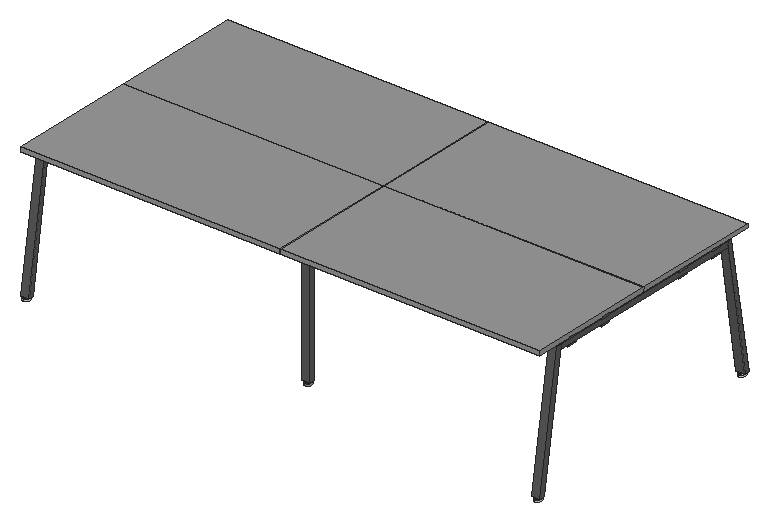
Revit family "Haworth_Tibas_Desk_BenchWorkstation_EU_PRELIMINARY", category Furniture, Revit 2019 (continued)
Definition of nested family "Haworth_Tibas_CableManagement_HorizontalCableTraySingleWire_PART"
  Definition of nested family "Haworth_Tibas_CableManagement_HorizontalCableTraySingleWire_100cm-PART"
    Forms (cm)
      Extrusion 2, void
        sketch origin (0, -2.9666, 0) x (1, 0, 0) y (0, 0, -1)
          loop
            line (-2.261, -73.9397) -> (3.5316, -73.9397) -> (3.5316, -70.6269) -> (-2.261, -70.6269) -> (-2.261, -73.9397)
          loop
            line (3.5316, -70.4411) -> (3.5316, -68.6582) -> (-2.261, -68.6582) -> (-2.261, -70.4411) -> (3.5316, -70.4411)
          loop
            line (3.739, -73.9397) -> (9.5316, -73.9397) -> (9.5316, -70.6269) -> (3.739, -70.6269) -> (3.739, -73.9397)
          loop
            line (9.5316, -70.4411) -> (9.5316, -68.6582) -> (3.739, -68.6582) -> (3.739, -70.4411) -> (9.5316, -70.4411)
          loop
            line (9.739, -73.9397) -> (15.5316, -73.9397) -> (15.5316, -70.6269) -> (9.739, -70.6269) -> (9.739, -73.9397)
          loop
            line (15.5316, -70.4411) -> (15.5316, -68.6582) -> (9.739, -68.6582) -> (9.739, -70.4411) -> (15.5316, -70.4411)
          loop
            line (15.739, -73.9397) -> (21.5316, -73.9397) -> (21.5316, -70.6269) -> (15.739, -70.6269) -> (15.739, -73.9397)
          loop
            line (21.5316, -70.4411) -> (21.5316, -68.6582) -> (15.739, -68.6582) -> (15.739, -70.4411) -> (21.5316, -70.4411)
          loop
            line (21.739, -73.9397) -> (27.5316, -73.9397) -> (27.5316, -70.6269) -> (21.739, -70.6269) -> (21.739, -73.9397)
          loop
            line (27.5316, -70.4411) -> (27.5316, -68.6582) -> (21.739, -68.6582) -> (21.739, -70.4411) -> (27.5316, -70.4411)
          loop
            line (27.739, -73.9397) -> (33.5316, -73.9397) -> (33.5316, -70.6269) -> (27.739, -70.6269) -> (27.739, -73.9397)
          loop
            line (33.5316, -70.4411) -> (33.5316, -68.6448) -> (27.739, -68.6448) -> (27.739, -70.4411) -> (33.5316, -70.4411)
          loop
            line (33.739, -73.9397) -> (39.5316, -73.9397) -> (39.5316, -70.6269) -> (33.739, -70.6269) -> (33.739, -73.9397)
          loop
            line (39.5316, -70.4411) -> (39.5316, -68.6582) -> (33.739, -68.6582) -> (33.739, -70.4411) -> (39.5316, -70.4411)
          loop
            line (39.739, -73.9397) -> (45.5316, -73.9397) -> (45.5316, -70.6269) -> (39.739, -70.6269) -> (39.739, -73.9397)
          loop
            line (45.5316, -70.4411) -> (45.5316, -68.6582) -> (39.739, -68.6582) -> (39.739, -70.4411) -> (45.5316, -70.4411)
          loop
            line (45.739, -73.9397) -> (51.5316, -73.9397) -> (51.5316, -70.6269) -> (45.739, -70.6269) -> (45.739, -73.9397)
          loop
            line (51.5316, -70.4411) -> (51.5316, -68.6582) -> (45.739, -68.6582) -> (45.739, -70.4411) -> (51.5316, -70.4411)
          loop
            line (51.739, -73.9397) -> (57.5316, -73.9397) -> (57.5316, -70.6269) -> (51.739, -70.6269) -> (51.739, -73.9397)
          loop
            line (57.5316, -70.4411) -> (57.5316, -68.6582) -> (51.739, -68.6582) -> (51.739, -70.4411) -> (57.5316, -70.4411)
          loop
            line (57.739, -73.9397) -> (63.5316, -73.9397) -> (63.5316, -70.6269) -> (57.739, -70.6269) -> (57.739, -73.9397)
          loop
            line (63.5316, -70.4411) -> (63.5316, -68.6582) -> (57.739, -68.6582) -> (57.739, -70.4411) -> (63.5316, -70.4411)
          loop
            line (63.739, -73.9397) -> (70.5316, -73.9397) -> (70.5316, -70.6269) -> (63.739, -70.6269) -> (63.739, -73.9397)
          loop
            line (70.5316, -70.4411) -> (70.5316, -68.6448) -> (63.739, -68.6448) -> (63.739, -70.4411) -> (70.5316, -70.4411)
        from -21.2076 to 0.5784
      Extrusion 3, void
        sketch origin (0, -24.7371, 0) x (1, 0, 0) y (0, 1, 0)
          loop
            line (-28.761, 5.9663) -> (-24.9684, 5.9663) -> (-24.9684, 20.0623) -> (-28.761, 20.0623) -> (-28.761, 5.9663)
          loop
            line (-24.761, 5.9663) -> (-18.9555, 5.9663) -> (-18.9555, 20.0623) -> (-24.761, 20.0623) -> (-24.761, 5.9663)
          loop
            line (-18.761, 5.9663) -> (-12.9684, 5.9663) -> (-12.9684, 20.0623) -> (-18.761, 20.0623) -> (-18.761, 5.9663)
          loop
            line (-12.761, 5.9663) -> (-6.9555, 5.9663) -> (-6.9555, 20.0623) -> (-12.761, 20.0623) -> (-12.761, 5.9663)
          loop
            line (-6.748, 5.9663) -> (-0.9555, 5.9663) -> (-0.9555, 20.0623) -> (-6.748, 20.0623) -> (-6.748, 5.9663)
          loop
            line (-0.748, 5.9663) -> (5.0575, 5.9663) -> (5.0575, 20.0623) -> (-0.748, 20.0623) -> (-0.748, 5.9663)
          loop
            line (5.2779, 5.9663) -> (11.0704, 5.9663) -> (11.0704, 20.0623) -> (5.2779, 20.0623) -> (5.2779, 5.9663)
          loop
            line (11.2779, 5.9663) -> (17.0834, 5.9663) -> (17.0834, 20.0623) -> (11.2779, 20.0623) -> (11.2779, 5.9663)
          loop
            line (17.2908, 5.9663) -> (23.0963, 5.9663) -> (23.0963, 20.0623) -> (17.2908, 20.0623) -> (17.2908, 5.9663)
          loop
            line (23.3038, 5.9663) -> (29.0963, 5.9663) -> (29.0963, 20.0623) -> (23.3038, 20.0623) -> (23.3038, 5.9663)
          loop
            line (29.3038, 5.9663) -> (35.1093, 5.9663) -> (35.1093, 20.0623) -> (29.3038, 20.0623) -> (29.3038, 5.9663)
          loop
            line (35.3297, 5.9663) -> (41.1222, 5.9663) -> (41.1222, 20.0623) -> (35.3297, 20.0623) -> (35.3297, 5.9663)
          loop
            line (41.3297, 5.9663) -> (47.1351, 5.9663) -> (47.1351, 20.0623) -> (41.3297, 20.0623) -> (41.3297, 5.9663)
          loop
            line (47.3426, 5.9663) -> (53.1481, 5.9663) -> (53.1481, 20.0623) -> (47.3426, 20.0623) -> (47.3426, 5.9663)
          loop
            line (53.3556, 5.9663) -> (59.1481, 5.9663) -> (59.1481, 20.0623) -> (53.3556, 20.0623) -> (53.3556, 5.9663)
          loop
            line (59.3556, 5.9663) -> (65.161, 5.9663) -> (65.161, 20.0623) -> (59.3556, 20.0623) -> (59.3556, 5.9663)
          loop
            line (65.3815, 5.9663) -> (70.424, 5.9663) -> (70.424, 20.0623) -> (65.3815, 20.0623) -> (65.3815, 5.9663)
        from 0 to 76.0995
      Extrusion 4, solid, material <- "Trim Finish"
        sketch origin (85.411, 0.625, 79.9413) x (0, -1, 0) y (0, 0, -1)
          loop
            arc (24.1542, 2.8) -> (24.3098, 2.8644) -> (24.3742, 3.02) r 0.22
            line (24.3742, 3.02) -> (24.3742, 6) -> (24.1742, 6) -> (24.1742, 3) -> (20.1242, 3) -> (20.1242, 5.5787)
            arc (20.1242, 5.5787) -> (20.0594, 5.7352) -> (19.9029, 5.8) r 0.2213
            line (19.9029, 5.8) -> (19.6242, 5.8) -> (19.6242, 12.2277)
            arc (19.6242, 12.2277) -> (19.5591, 12.3849) -> (19.4019, 12.45) r 0.2223
            line (19.4019, 12.45) -> (7.5483, 12.45)
            arc (7.5483, 12.45) -> (7.1233, 12.025) -> (7.5483, 11.6) r 0.425
            line (7.5483, 11.6) -> (8.3242, 11.6) -> (8.3242, 11.8) -> (7.5501, 11.8)
            arc (7.5501, 11.8) -> (7.3251, 12.025) -> (7.5501, 12.25) r 0.225
            line (7.5501, 12.25) -> (19.4242, 12.25) -> (19.4242, 5.824)
            arc (19.4242, 5.824) -> (19.4898, 5.6656) -> (19.6482, 5.6) r 0.224
            line (19.6482, 5.6) -> (19.9242, 5.6) -> (19.9242, 3.0224)
            arc (19.9242, 3.0224) -> (19.9893, 2.8651) -> (20.1466, 2.8) r 0.2224
            line (20.1466, 2.8) -> (24.1542, 2.8)
        from -36.501 to -33.501
      Extrusion 5, solid, material <- "Trim Finish"
        sketch origin (-38.8038, 0.625, 79.9413) x (0, -1, 0) y (0, 0, 1)
          loop
            line (24.1542, -2.8) -> (20.1466, -2.8)
            arc (20.1466, -2.8) -> (19.9893, -2.8651) -> (19.9242, -3.0224) r 0.2224
            line (19.9242, -3.0224) -> (19.9242, -5.6) -> (19.6482, -5.6)
            arc (19.6482, -5.6) -> (19.4898, -5.6656) -> (19.4242, -5.824) r 0.224
            line (19.4242, -5.824) -> (19.4242, -12.25) -> (7.5501, -12.25)
            arc (7.5501, -12.25) -> (7.3251, -12.025) -> (7.5501, -11.8) r 0.225
            line (7.5501, -11.8) -> (8.3242, -11.8) -> (8.3242, -11.6) -> (7.5483, -11.6)
            arc (7.5483, -11.6) -> (7.1233, -12.025) -> (7.5483, -12.45) r 0.425
            line (7.5483, -12.45) -> (19.4019, -12.45)
            arc (19.4019, -12.45) -> (19.5591, -12.3849) -> (19.6242, -12.2277) r 0.2223
            line (19.6242, -12.2277) -> (19.6242, -5.8) -> (19.9029, -5.8)
            arc (19.9029, -5.8) -> (20.0594, -5.7352) -> (20.1242, -5.5787) r 0.2213
            line (20.1242, -5.5787) -> (20.1242, -3) -> (24.1742, -3) -> (24.1742, -6) -> (24.3742, -6) -> (24.3742, -3.02)
            arc (24.3742, -3.02) -> (24.3098, -2.8644) -> (24.1542, -2.8) r 0.22
        from -36.501 to -33.501
    Cuts and joins
      Extrusion 2, Extrusion 3 cuts Extrusion 1
    Lines and regions (cm)
      Masking region 1
        outline origin (0, 0, 0) x (1, 0, 0) y (0, 1, 0)
          loop
            line (-29.1964, -4.3686) -> (-29.1964, -20.3686) -> (70.8036, -20.3686) -> (70.8036, -4.3686) -> (-29.1964, -4.3686)
    Dimensions and locks (cm)
      locked: plane 2 "Support Top" to level at 74.1363
      equal spacing: plane 4, plane 6, plane 5 "Front"
      "Actual Depth": plane 5 "Front" to plane 4
      equal spacing: plane 8, plane 3, plane 7
      "Actual Width": plane 8 to plane 7
      aligned and locked: plane 4 to cut or joined group of Extrusion 1, Extrusion 2, Extrusion 3
      aligned and locked: Masking region 1 sketch curve to plane 4
      aligned and locked: Masking region 1 sketch curve to plane 5 "Front"
      aligned and locked: cut or joined group of Extrusion 1, Extrusion 2, Extrusion 3 to plane 8
      aligned and locked: Masking region 1 to plane 8
      aligned and locked: plane 7 to cut or joined group of Extrusion 1, Extrusion 2, Extrusion 3
      aligned and locked: plane 7 to Masking region 1
    Automatic sketch dimensions
      Extrusion 1 sketch curve to plane 2 "Support Top" = 0 cm  (x2)
      Extrusion 1 sketch curve to plane 4 = 0 cm
      Extrusion 1 sketch curve to Extrusion 1 sketch curve = 0.3062 cm
      Extrusion 1 sketch curve to plane 4 = 0.3886 cm
      Extrusion 1 sketch curve to Extrusion 1 sketch curve = 0.1226 cm
      Extrusion 1 sketch curve to plane 5 "Front" = 1.3652 cm
      Extrusion 1 sketch curve to Extrusion 1 sketch curve = 0.0044 cm
      Extrusion 1 sketch curve to Extrusion 1 sketch curve = 0.1959 cm
      Extrusion 1 sketch curve to Extrusion 1 sketch curve = 0.1923 cm
      Extrusion 1 sketch curve to plane 2 "Support Top" = 5.6934 cm
      Extrusion 1 sketch curve to Extrusion 1 sketch curve = 0.0167 cm
      Extrusion 4 sketch curve to plane 4 = 2.5547 cm
      Extrusion 4 sketch curve to Extrusion 4 sketch curve = 0.0018 cm
      Extrusion 4 sketch curve to Extrusion 4 sketch curve = 0.7759 cm
      Extrusion 4 sketch curve to plane 5 "Front" = 1.5916 cm
      Extrusion 4 sketch curve to Extrusion 4 sketch curve = 0.0223 cm
      plane 2 "Support Top" to Extrusion 4 sketch curve = 0.005 cm
      Extrusion 4 sketch curve to Extrusion 4 sketch curve = 0.2 cm  (x5)
      Extrusion 4 sketch curve to Extrusion 4 sketch curve = 0.024 cm
      Extrusion 4 sketch curve to Extrusion 4 sketch curve = 0.2547 cm
      Extrusion 4 sketch curve to plane 5 "Front" = 1.0694 cm
      Extrusion 4 sketch curve to Extrusion 4 sketch curve = 0.0224 cm
      plane 5 "Front" to Extrusion 4 sketch curve = 3.1606 cm
      Extrusion 4 sketch curve to Extrusion 4 sketch curve = 0.02 cm  (x2)
      Extrusion 4 sketch curve to Extrusion 4 sketch curve = 2.5563 cm
      Extrusion 4 sketch curve to plane 2 "Support Top" = 0.195 cm
      Extrusion 4 sketch curve to plane 2 "Support Top" = 5.795 cm
      Extrusion 4 sketch curve to Extrusion 4 sketch curve = 0.225 cm
      Extrusion 4 sketch curve to Extrusion 4 sketch curve = 0 cm
      Extrusion 5 sketch curve to plane 4 = 2.5547 cm
      Extrusion 5 sketch curve to Extrusion 5 sketch curve = 0.0018 cm
      Extrusion 5 sketch curve to Extrusion 5 sketch curve = 0.7759 cm
      Extrusion 5 sketch curve to plane 5 "Front" = 1.5916 cm
      Extrusion 5 sketch curve to Extrusion 5 sketch curve = 0.0223 cm
      plane 2 "Support Top" to Extrusion 5 sketch curve = 0.005 cm
      Extrusion 5 sketch curve to Extrusion 5 sketch curve = 0.2 cm  (x4)
      Extrusion 5 sketch curve to Extrusion 5 sketch curve = 0.024 cm
      Extrusion 5 sketch curve to Extrusion 5 sketch curve = 0.2547 cm
      Extrusion 5 sketch curve to plane 5 "Front" = 1.0694 cm
      Extrusion 5 sketch curve to Extrusion 5 sketch curve = 0.0224 cm
      plane 5 "Front" to Extrusion 5 sketch curve = 3.1606 cm
      Extrusion 5 sketch curve to Extrusion 5 sketch curve = 0.02 cm  (x2)
      Extrusion 5 sketch curve to plane 2 "Support Top" = 0.019 cm
      Extrusion 5 sketch curve to plane 2 "Support Top" = 0.195 cm
      Extrusion 5 sketch curve to plane 2 "Support Top" = 5.795 cm
      Extrusion 5 sketch curve to Extrusion 5 sketch curve = 0.225 cm
      Extrusion 5 sketch curve to Extrusion 5 sketch curve = 0 cm
      Extrusion 5 sketch curve to Extrusion 5 sketch curve = 2.5563 cm
      plane 5 "Front" to Extrusion 3 sketch curve = 1.5977 cm  (x13)
      Extrusion 3 sketch curve to Extrusion 3 sketch curve = 3.7925 cm
      Extrusion 3 sketch curve to Extrusion 3 sketch curve = 0.2075 cm  (x12)
      Extrusion 3 sketch curve to Extrusion 3 sketch curve = 5.8055 cm  (x8)
      Extrusion 3 sketch curve to Extrusion 3 sketch curve = 0.1945 cm
      Extrusion 3 sketch curve to Extrusion 3 sketch curve = 5.7925 cm  (x6)
      plane 4 to Extrusion 3 sketch curve = 0.3062 cm  (x5)
      Extrusion 3 sketch curve to Extrusion 3 sketch curve = 0.2204 cm  (x3)
      plane 3 to Extrusion 3 sketch curve = 3.7202 cm
      Extrusion 3 sketch curve to plane 3 = 2.2927 cm
      Extrusion 3 sketch curve to Extrusion 3 sketch curve = 5.0425 cm
      Extrusion 3 sketch curve to Extrusion 3 sketch curve = 0 cm  (x16)
      Extrusion 2 sketch curve to Extrusion 2 sketch curve = 0 cm  (x41)
      Extrusion 2 sketch curve to Extrusion 2 sketch curve = 2.5425 cm
      Extrusion 2 sketch curve to plane 2 "Support Top" = 0.1965 cm  (x17)
      Extrusion 2 sketch curve to Extrusion 2 sketch curve = 0.2075 cm  (x21)
      Extrusion 2 sketch curve to Extrusion 2 sketch curve = 5.7925 cm  (x14)
      Extrusion 2 sketch curve to plane 3 = 5.272 cm
      plane 3 to Extrusion 2 sketch curve = 0.728 cm  (x2)
      Extrusion 2 sketch curve to Extrusion 2 sketch curve = 6.7925 cm
      Extrusion 2 sketch curve to Extrusion 2 sketch curve = 3.3128 cm  (x4)
      Extrusion 2 sketch curve to Extrusion 2 sketch curve = 0.1859 cm  (x17)
      Extrusion 2 sketch curve to Extrusion 2 sketch curve = 1.7829 cm  (x12)
      Extrusion 2 sketch curve to Extrusion 2 sketch curve = 0.0134 cm  (x4)
      plane 3 to Masking region 1 sketch curve = 50 cm
      Masking region 1 sketch curve to plane 3 = 50 cm
      Extrusion 2 sketch curve to Extrusion 2 sketch curve = 1.9821 cm
  Definition of nested family "Haworth_Tibas_CableManagement_HorizontalCableTraySingleWire_140cm-PART"
    Parameters (values of type "Wire Basket Single - 140cm")
      Warranty = "http://www.haworth.com/resources/product-info/warranties"
      Void Width = 20 cm  # constant formula
      URL = "www.haworth.com"
      Trim Finish = none
      Size = "Verify Final Dim. w/ Haworth"  # constant formula
      Revision Number = "1"  # constant formula
      Model = "Haworth -  Wire Basket "  # constant formula
      Manufacturer = "Haworth"  # constant formula
      Description = "Haworth -  Wire Basket 140cm "  # constant formula
      Cable Tray Finish = none
      Author = "Haworth (Abd Rahman)"  # constant formula
      Assembly Code = "E2020200"
      Actual Width = 140 cm  # constant formula
      Actual Depth = 16 cm  # constant formula
    Reference planes (cm)
      plane 1: z = 0
      plane 2 "Support Top": z = 74.1363
      plane 3: x = 20.8036
      plane 4: y = -4.3686
      plane 5 "Front": y = -20.3686
      plane 6: y = -12.3686
      plane 7: x = -49.1964
      plane 8: x = 90.8036
    Forms (cm)
      Extrusion 1, solid, material <- "Cable Tray Finish"
        sketch origin (-68.41, -24.7371, 0) x (0, 1, 0) y (0, 0, -1)
          loop
            line (5.5335, -74.1362) -> (5.5335, -68.4381)
            arc (5.5335, -68.4381) -> (5.5922, -68.2965) -> (5.7338, -68.2378) r 0.2003
            line (5.7338, -68.2378) -> (19.8574, -68.2378)
            arc (19.8574, -68.2378) -> (20.0023, -68.2979) -> (20.0623, -68.4428) r 0.205
            line (20.0623, -68.4428) -> (20.0623, -74.1362) -> (20.3686, -74.1362) -> (20.3686, -68.4261)
            arc (20.3686, -68.4261) -> (20.2547, -68.1513) -> (19.9799, -68.0374) r 0.3886
            line (19.9799, -68.0374) -> (5.7294, -68.0374)
            arc (5.7294, -68.0374) -> (5.455, -68.1511) -> (5.3413, -68.4255) r 0.3881
            line (5.3413, -68.4255) -> (5.3413, -74.1362) -> (5.5335, -74.1362)
        from -159.2136 to -19.2136
      Extrusion 2, void
        sketch origin (0, -2.9666, 0) x (1, 0, 0) y (0, 0, -1)
          loop
            line (-48.886, -73.9397) -> (-44.4684, -73.9397) -> (-44.4684, -70.6269) -> (-48.886, -70.6269) -> (-48.886, -73.9397)
          loop
            line (-44.4684, -70.4411) -> (-44.4684, -68.6179) -> (-48.886, -68.6179) -> (-48.886, -70.4411) -> (-44.4684, -70.4411)
          loop
            line (-44.261, -73.9397) -> (-38.4684, -73.9397) -> (-38.4684, -70.6269) -> (-44.261, -70.6269) -> (-44.261, -73.9397)
          loop
            line (-38.4684, -70.4411) -> (-38.4684, -68.6448) -> (-44.261, -68.6448) -> (-44.261, -70.4411) -> (-38.4684, -70.4411)
          loop
            line (-38.261, -73.9397) -> (-32.4684, -73.9397) -> (-32.4684, -70.6269) -> (-38.261, -70.6269) -> (-38.261, -73.9397)
          loop
            line (-32.4684, -70.4411) -> (-32.4684, -68.6448) -> (-38.261, -68.6448) -> (-38.261, -70.4411) -> (-32.4684, -70.4411)
          loop
            line (-32.261, -73.9397) -> (-26.4684, -73.9397) -> (-26.4684, -70.6269) -> (-32.261, -70.6269) -> (-32.261, -73.9397)
          loop
            line (-26.4684, -70.4411) -> (-26.4684, -68.6448) -> (-32.261, -68.6448) -> (-32.261, -70.4411) -> (-26.4684, -70.4411)
          loop
            line (-26.261, -73.9397) -> (-20.4684, -73.9397) -> (-20.4684, -70.6269) -> (-26.261, -70.6269) -> (-26.261, -73.9397)
          loop
            line (-20.4684, -70.4411) -> (-20.4684, -68.6582) -> (-26.261, -68.6582) -> (-26.261, -70.4411) -> (-20.4684, -70.4411)
          loop
            line (-20.261, -73.9397) -> (-14.4684, -73.9397) -> (-14.4684, -70.6269) -> (-20.261, -70.6269) -> (-20.261, -73.9397)
          loop
            line (-14.4684, -70.4411) -> (-14.4684, -68.6582) -> (-20.261, -68.6582) -> (-20.261, -70.4411) -> (-14.4684, -70.4411)
          loop
            line (-14.261, -73.9397) -> (-8.4684, -73.9397) -> (-8.4684, -70.6269) -> (-14.261, -70.6269) -> (-14.261, -73.9397)
          loop
            line (-8.4684, -70.4411) -> (-8.4684, -68.6582) -> (-14.261, -68.6582) -> (-14.261, -70.4411) -> (-8.4684, -70.4411)
          loop
            line (-8.261, -73.9397) -> (-2.4684, -73.9397) -> (-2.4684, -70.6269) -> (-8.261, -70.6269) -> (-8.261, -73.9397)
          loop
            line (-2.4684, -70.4411) -> (-2.4684, -68.6448) -> (-8.261, -68.6448) -> (-8.261, -70.4411) -> (-2.4684, -70.4411)
          loop
            line (-2.261, -73.9397) -> (3.5316, -73.9397) -> (3.5316, -70.6269) -> (-2.261, -70.6269) -> (-2.261, -73.9397)
          loop
            line (3.5316, -70.4411) -> (3.5316, -68.6582) -> (-2.261, -68.6582) -> (-2.261, -70.4411) -> (3.5316, -70.4411)
          loop
            line (3.739, -73.9397) -> (9.5316, -73.9397) -> (9.5316, -70.6269) -> (3.739, -70.6269) -> (3.739, -73.9397)
          loop
            line (9.5316, -70.4411) -> (9.5316, -68.6582) -> (3.739, -68.6582) -> (3.739, -70.4411) -> (9.5316, -70.4411)
          loop
            line (9.739, -73.9397) -> (15.5316, -73.9397) -> (15.5316, -70.6269) -> (9.739, -70.6269) -> (9.739, -73.9397)
          loop
            line (15.5316, -70.4411) -> (15.5316, -68.6582) -> (9.739, -68.6582) -> (9.739, -70.4411) -> (15.5316, -70.4411)
          loop
            line (15.739, -73.9397) -> (21.5316, -73.9397) -> (21.5316, -70.6269) -> (15.739, -70.6269) -> (15.739, -73.9397)
          loop
            line (21.5316, -70.4411) -> (21.5316, -68.6582) -> (15.739, -68.6582) -> (15.739, -70.4411) -> (21.5316, -70.4411)
          loop
            line (21.739, -73.9397) -> (27.5316, -73.9397) -> (27.5316, -70.6269) -> (21.739, -70.6269) -> (21.739, -73.9397)
          loop
            line (27.5316, -70.4411) -> (27.5316, -68.6582) -> (21.739, -68.6582) -> (21.739, -70.4411) -> (27.5316, -70.4411)
          loop
            line (27.739, -73.9397) -> (33.5316, -73.9397) -> (33.5316, -70.6269) -> (27.739, -70.6269) -> (27.739, -73.9397)
          loop
            line (33.5316, -70.4411) -> (33.5316, -68.6448) -> (27.739, -68.6448) -> (27.739, -70.4411) -> (33.5316, -70.4411)
          loop
            line (33.739, -73.9397) -> (39.5316, -73.9397) -> (39.5316, -70.6269) -> (33.739, -70.6269) -> (33.739, -73.9397)
          loop
            line (39.5316, -70.4411) -> (39.5316, -68.6582) -> (33.739, -68.6582) -> (33.739, -70.4411) -> (39.5316, -70.4411)
          loop
            line (39.739, -73.9397) -> (45.5316, -73.9397) -> (45.5316, -70.6269) -> (39.739, -70.6269) -> (39.739, -73.9397)
          loop
            line (45.5316, -70.4411) -> (45.5316, -68.6582) -> (39.739, -68.6582) -> (39.739, -70.4411) -> (45.5316, -70.4411)
          loop
            line (45.739, -73.9397) -> (51.5316, -73.9397) -> (51.5316, -70.6269) -> (45.739, -70.6269) -> (45.739, -73.9397)
          loop
            line (51.5316, -70.4411) -> (51.5316, -68.6582) -> (45.739, -68.6582) -> (45.739, -70.4411) -> (51.5316, -70.4411)
          loop
            line (51.739, -73.9397) -> (57.5316, -73.9397) -> (57.5316, -70.6269) -> (51.739, -70.6269) -> (51.739, -73.9397)
          loop
            line (57.5316, -70.4411) -> (57.5316, -68.6582) -> (51.739, -68.6582) -> (51.739, -70.4411) -> (57.5316, -70.4411)
          loop
            line (57.739, -73.9397) -> (63.5316, -73.9397) -> (63.5316, -70.6269) -> (57.739, -70.6269) -> (57.739, -73.9397)
          loop
            line (63.5316, -70.4411) -> (63.5316, -68.6582) -> (57.739, -68.6582) -> (57.739, -70.4411) -> (63.5316, -70.4411)
          loop
            line (63.739, -73.9397) -> (69.5316, -73.9397) -> (69.5316, -70.6269) -> (63.739, -70.6269) -> (63.739, -73.9397)
          loop
            line (69.5316, -70.4411) -> (69.5316, -68.6448) -> (63.739, -68.6448) -> (63.739, -70.4411) -> (69.5316, -70.4411)
          loop
            line (69.739, -73.9397) -> (75.5316, -73.9397) -> (75.5316, -70.6269) -> (69.739, -70.6269) -> (69.739, -73.9397)
          loop
            line (75.5316, -70.4411) -> (75.5316, -68.6582) -> (69.739, -68.6582) -> (69.739, -70.4411) -> (75.5316, -70.4411)
          loop
            line (75.739, -73.9397) -> (81.5316, -73.9397) -> (81.5316, -70.6269) -> (75.739, -70.6269) -> (75.739, -73.9397)
          loop
            line (81.5316, -70.4411) -> (81.5316, -68.6582) -> (75.739, -68.6582) -> (75.739, -70.4411) -> (81.5316, -70.4411)
          loop
            line (81.739, -73.9397) -> (90.4066, -73.9397) -> (90.4066, -70.6269) -> (81.739, -70.6269) -> (81.739, -73.9397)
          loop
            line (90.4066, -70.4411) -> (90.4066, -68.6582) -> (81.739, -68.6582) -> (81.739, -70.4411) -> (90.4066, -70.4411)
        from -21.2076 to 0.5784
      Extrusion 3, void
        sketch origin (0, -24.7371, 0) x (1, 0, 0) y (0, 1, 0)
          loop
            line (-58.511, 5.9663) -> (-54.9555, 5.9663) -> (-54.9555, 20.0623) -> (-58.511, 20.0623) -> (-58.511, 5.9663)
          loop
            line (-54.761, 5.9663) -> (-48.9684, 5.9663) -> (-48.9684, 20.0623) -> (-54.761, 20.0623) -> (-54.761, 5.9663)
          loop
            line (-48.761, 5.9663) -> (-42.9555, 5.9663) -> (-42.9555, 20.0623) -> (-48.761, 20.0623) -> (-48.761, 5.9663)
          loop
            line (-42.761, 5.9663) -> (-36.9684, 5.9663) -> (-36.9684, 20.0623) -> (-42.761, 20.0623) -> (-42.761, 5.9663)
          loop
            line (-36.761, 5.9663) -> (-30.9555, 5.9663) -> (-30.9555, 20.0623) -> (-36.761, 20.0623) -> (-36.761, 5.9663)
          loop
            line (-30.761, 5.9663) -> (-24.9684, 5.9663) -> (-24.9684, 20.0623) -> (-30.761, 20.0623) -> (-30.761, 5.9663)
          loop
            line (-24.761, 5.9663) -> (-18.9555, 5.9663) -> (-18.9555, 20.0623) -> (-24.761, 20.0623) -> (-24.761, 5.9663)
          loop
            line (-18.761, 5.9663) -> (-12.9684, 5.9663) -> (-12.9684, 20.0623) -> (-18.761, 20.0623) -> (-18.761, 5.9663)
          loop
            line (-12.761, 5.9663) -> (-6.9555, 5.9663) -> (-6.9555, 20.0623) -> (-12.761, 20.0623) -> (-12.761, 5.9663)
          loop
            line (-6.748, 5.9663) -> (-0.9555, 5.9663) -> (-0.9555, 20.0623) -> (-6.748, 20.0623) -> (-6.748, 5.9663)
          loop
            line (-0.748, 5.9663) -> (5.0575, 5.9663) -> (5.0575, 20.0623) -> (-0.748, 20.0623) -> (-0.748, 5.9663)
          loop
            line (5.2779, 5.9663) -> (11.0704, 5.9663) -> (11.0704, 20.0623) -> (5.2779, 20.0623) -> (5.2779, 5.9663)
          loop
            line (11.2779, 5.9663) -> (17.0834, 5.9663) -> (17.0834, 20.0623) -> (11.2779, 20.0623) -> (11.2779, 5.9663)
          loop
            line (17.2908, 5.9663) -> (23.0963, 5.9663) -> (23.0963, 20.0623) -> (17.2908, 20.0623) -> (17.2908, 5.9663)
          loop
            line (23.3038, 5.9663) -> (29.0963, 5.9663) -> (29.0963, 20.0623) -> (23.3038, 20.0623) -> (23.3038, 5.9663)
          loop
            line (29.3038, 5.9663) -> (35.1093, 5.9663) -> (35.1093, 20.0623) -> (29.3038, 20.0623) -> (29.3038, 5.9663)
          loop
            line (35.3297, 5.9663) -> (41.1222, 5.9663) -> (41.1222, 20.0623) -> (35.3297, 20.0623) -> (35.3297, 5.9663)
          loop
            line (41.3297, 5.9663) -> (47.1351, 5.9663) -> (47.1351, 20.0623) -> (41.3297, 20.0623) -> (41.3297, 5.9663)
          loop
            line (47.3426, 5.9663) -> (53.1481, 5.9663) -> (53.1481, 20.0623) -> (47.3426, 20.0623) -> (47.3426, 5.9663)
          loop
            line (53.3556, 5.9663) -> (59.1481, 5.9663) -> (59.1481, 20.0623) -> (53.3556, 20.0623) -> (53.3556, 5.9663)
          loop
            line (59.3556, 5.9663) -> (65.161, 5.9663) -> (65.161, 20.0623) -> (59.3556, 20.0623) -> (59.3556, 5.9663)
          loop
            line (65.3815, 5.9663) -> (71.174, 5.9663) -> (71.174, 20.0623) -> (65.3815, 20.0623) -> (65.3815, 5.9663)
          loop
            line (71.3815, 5.9663) -> (77.1869, 5.9663) -> (77.1869, 20.0623) -> (71.3815, 20.0623) -> (71.3815, 5.9663)
          loop
            line (77.3944, 5.9663) -> (83.1999, 5.9663) -> (83.1999, 20.0623) -> (77.3944, 20.0623) -> (77.3944, 5.9663)
          loop
            line (83.4074, 5.9663) -> (89.1999, 5.9663) -> (89.1999, 20.0623) -> (83.4074, 20.0623) -> (83.4074, 5.9663)
          loop
            line (89.4074, 5.9663) -> (95.2128, 5.9663) -> (95.2128, 20.0623) -> (89.4074, 20.0623) -> (89.4074, 5.9663)
          loop
            line (95.4333, 5.9663) -> (100.1181, 5.9663) -> (100.1181, 20.0623) -> (95.4333, 20.0623) -> (95.4333, 5.9663)
        from 0 to 76.0995
      Extrusion 4, solid, material <- "Trim Finish"
        sketch origin (96.911, 0.625, 79.9413) x (0, -1, 0) y (0, 0, -1)
          loop
            arc (24.1542, 2.8) -> (24.3098, 2.8644) -> (24.3742, 3.02) r 0.22
            line (24.3742, 3.02) -> (24.3742, 6) -> (24.1742, 6) -> (24.1742, 3) -> (20.1242, 3) -> (20.1242, 5.5787)
            arc (20.1242, 5.5787) -> (20.0594, 5.7352) -> (19.9029, 5.8) r 0.2213
            line (19.9029, 5.8) -> (19.6242, 5.8) -> (19.6242, 12.2277)
            arc (19.6242, 12.2277) -> (19.5591, 12.3849) -> (19.4019, 12.45) r 0.2223
            line (19.4019, 12.45) -> (7.5483, 12.45)
            arc (7.5483, 12.45) -> (7.1233, 12.025) -> (7.5483, 11.6) r 0.425
            line (7.5483, 11.6) -> (8.3242, 11.6) -> (8.3242, 11.8) -> (7.5501, 11.8)
            arc (7.5501, 11.8) -> (7.3251, 12.025) -> (7.5501, 12.25) r 0.225
            line (7.5501, 12.25) -> (19.4242, 12.25) -> (19.4242, 5.824)
            arc (19.4242, 5.824) -> (19.4898, 5.6656) -> (19.6482, 5.6) r 0.224
            line (19.6482, 5.6) -> (19.9242, 5.6) -> (19.9242, 3.0224)
            arc (19.9242, 3.0224) -> (19.9893, 2.8651) -> (20.1466, 2.8) r 0.2224
            line (20.1466, 2.8) -> (24.1542, 2.8)
        from -36.501 to -33.501
      Extrusion 5, solid, material <- "Trim Finish"
        sketch origin (-52.1788, 0.625, 79.9413) x (0, -1, 0) y (0, 0, 1)
          loop
            line (24.1542, -2.8) -> (20.1466, -2.8)
            arc (20.1466, -2.8) -> (19.9893, -2.8651) -> (19.9242, -3.0224) r 0.2224
            line (19.9242, -3.0224) -> (19.9242, -5.6) -> (19.6482, -5.6)
            arc (19.6482, -5.6) -> (19.4898, -5.6656) -> (19.4242, -5.824) r 0.224
            line (19.4242, -5.824) -> (19.4242, -12.25) -> (7.5501, -12.25)
            arc (7.5501, -12.25) -> (7.3251, -12.025) -> (7.5501, -11.8) r 0.225
            line (7.5501, -11.8) -> (8.3242, -11.8) -> (8.3242, -11.6) -> (7.5483, -11.6)
            arc (7.5483, -11.6) -> (7.1233, -12.025) -> (7.5483, -12.45) r 0.425
            line (7.5483, -12.45) -> (19.4019, -12.45)
            arc (19.4019, -12.45) -> (19.5591, -12.3849) -> (19.6242, -12.2277) r 0.2223
            line (19.6242, -12.2277) -> (19.6242, -5.8) -> (19.9029, -5.8)
            arc (19.9029, -5.8) -> (20.0594, -5.7352) -> (20.1242, -5.5787) r 0.2213
            line (20.1242, -5.5787) -> (20.1242, -3) -> (24.1742, -3) -> (24.1742, -6) -> (24.3742, -6) -> (24.3742, -3.02)
            arc (24.3742, -3.02) -> (24.3098, -2.8644) -> (24.1542, -2.8) r 0.22
        from -36.501 to -33.501
    Cuts and joins
      Extrusion 2, Extrusion 3 cuts Extrusion 1
    Lines and regions (cm)
      Masking region 1
        outline origin (0, 0, 0) x (1, 0, 0) y (0, 1, 0)
          loop
            line (-49.1964, -4.3686) -> (-49.1964, -20.3686) -> (90.8036, -20.3686) -> (90.8036, -4.3686) -> (-49.1964, -4.3686)
    Dimensions and locks (cm)
      locked: plane 2 "Support Top" to level at 74.1363
      equal spacing: plane 4, plane 6, plane 5 "Front"
      "Actual Depth": plane 5 "Front" to plane 4
      equal spacing: plane 7, plane 3, plane 8
      "Actual Width": plane 7 to plane 8
      aligned and locked: plane 4 to cut or joined group of Extrusion 1, Extrusion 2, Extrusion 3
      aligned and locked: Masking region 1 sketch curve to plane 4
      aligned and locked: Masking region 1 sketch curve to plane 5 "Front"
      aligned and locked: cut or joined group of Extrusion 1, Extrusion 2, Extrusion 3 to plane 7
      aligned and locked: Masking region 1 to plane 7
      aligned and locked: plane 8 to cut or joined group of Extrusion 1, Extrusion 2, Extrusion 3
      aligned and locked: plane 8 to Masking region 1
    Automatic sketch dimensions
      Extrusion 1 sketch curve to plane 2 "Support Top" = 0 cm  (x2)
      Extrusion 1 sketch curve to plane 4 = 0 cm
      Extrusion 1 sketch curve to Extrusion 1 sketch curve = 0.3062 cm
      Extrusion 1 sketch curve to plane 4 = 0.3886 cm
      Extrusion 1 sketch curve to Extrusion 1 sketch curve = 0.1226 cm
      Extrusion 1 sketch curve to plane 5 "Front" = 1.3652 cm
      Extrusion 1 sketch curve to Extrusion 1 sketch curve = 0.0044 cm
      Extrusion 1 sketch curve to Extrusion 1 sketch curve = 0.1959 cm
      Extrusion 1 sketch curve to Extrusion 1 sketch curve = 0.1923 cm
      Extrusion 1 sketch curve to plane 2 "Support Top" = 5.6934 cm
      Extrusion 1 sketch curve to Extrusion 1 sketch curve = 0.0167 cm
      Extrusion 2 sketch curve to Extrusion 2 sketch curve = 0 cm  (x58)
      plane 7 to Extrusion 2 sketch curve = 4.728 cm
      Extrusion 2 sketch curve to plane 2 "Support Top" = 0.1965 cm  (x23)
      Extrusion 2 sketch curve to Extrusion 2 sketch curve = 0.2075 cm  (x31)
      Extrusion 2 sketch curve to Extrusion 2 sketch curve = 5.7925 cm  (x19)
      Extrusion 2 sketch curve to plane 3 = 5.272 cm
      plane 3 to Extrusion 2 sketch curve = 0.728 cm  (x2)
      Extrusion 2 sketch curve to plane 8 = 0.397 cm
      Extrusion 2 sketch curve to Extrusion 2 sketch curve = 3.3128 cm  (x4)
      Extrusion 2 sketch curve to Extrusion 2 sketch curve = 0.1859 cm  (x23)
      Extrusion 2 sketch curve to Extrusion 2 sketch curve = 1.7829 cm  (x14)
      Extrusion 2 sketch curve to Extrusion 2 sketch curve = 0.0134 cm  (x4)
      Extrusion 2 sketch curve to Extrusion 2 sketch curve = 1.7963 cm
      plane 4 to Extrusion 3 sketch curve = 0.3062 cm  (x15)
      plane 7 to Extrusion 3 sketch curve = 9.3145 cm
      Extrusion 3 sketch curve to Extrusion 3 sketch curve = 3.5555 cm
      Extrusion 3 sketch curve to Extrusion 3 sketch curve = 0.1945 cm  (x4)
      Extrusion 3 sketch curve to plane 7 = 0.228 cm
      Extrusion 3 sketch curve to Extrusion 3 sketch curve = 0.2075 cm  (x18)
      Extrusion 3 sketch curve to Extrusion 3 sketch curve = 5.8055 cm  (x11)
      plane 5 "Front" to Extrusion 3 sketch curve = 1.5977 cm  (x12)
      Extrusion 3 sketch curve to Extrusion 3 sketch curve = 5.7925 cm  (x9)
      Extrusion 3 sketch curve to Extrusion 3 sketch curve = 0.2204 cm  (x4)
      plane 3 to Extrusion 3 sketch curve = 3.7202 cm
      Extrusion 3 sketch curve to plane 3 = 2.2927 cm
      plane 8 to Extrusion 3 sketch curve = 1.6037 cm
      Extrusion 3 sketch curve to plane 8 = 4.4093 cm
      Extrusion 3 sketch curve to Extrusion 3 sketch curve = 4.6848 cm
      Extrusion 3 sketch curve to Extrusion 3 sketch curve = 0 cm  (x27)
      Extrusion 4 sketch curve to plane 4 = 2.5547 cm
      Extrusion 4 sketch curve to Extrusion 4 sketch curve = 0.0018 cm
      Extrusion 4 sketch curve to Extrusion 4 sketch curve = 0.7759 cm
      Extrusion 4 sketch curve to plane 5 "Front" = 1.5916 cm
      Extrusion 4 sketch curve to Extrusion 4 sketch curve = 0.0223 cm
      plane 2 "Support Top" to Extrusion 4 sketch curve = 0.005 cm
      Extrusion 4 sketch curve to Extrusion 4 sketch curve = 0.2 cm  (x5)
      Extrusion 4 sketch curve to Extrusion 4 sketch curve = 0.024 cm
      Extrusion 4 sketch curve to Extrusion 4 sketch curve = 0.2547 cm
      Extrusion 4 sketch curve to plane 5 "Front" = 1.0694 cm
      Extrusion 4 sketch curve to Extrusion 4 sketch curve = 0.0224 cm
      plane 5 "Front" to Extrusion 4 sketch curve = 3.1606 cm
      Extrusion 4 sketch curve to Extrusion 4 sketch curve = 0.02 cm  (x2)
      Extrusion 4 sketch curve to Extrusion 4 sketch curve = 2.5563 cm
      Extrusion 4 sketch curve to plane 2 "Support Top" = 0.195 cm
      Extrusion 4 sketch curve to plane 2 "Support Top" = 5.795 cm
      Extrusion 4 sketch curve to Extrusion 4 sketch curve = 0.225 cm
      Extrusion 4 sketch curve to Extrusion 4 sketch curve = 0 cm
      Masking region 1 sketch curve to plane 7 = 0 cm
      Masking region 1 sketch curve to plane 8 = 0 cm
      Extrusion 5 sketch curve to plane 4 = 2.5547 cm
      Extrusion 5 sketch curve to Extrusion 5 sketch curve = 0.0018 cm
      Extrusion 5 sketch curve to Extrusion 5 sketch curve = 0.7759 cm
      Extrusion 5 sketch curve to plane 5 "Front" = 1.5916 cm
      Extrusion 5 sketch curve to Extrusion 5 sketch curve = 0.0223 cm
      plane 2 "Support Top" to Extrusion 5 sketch curve = 0.005 cm
      Extrusion 5 sketch curve to Extrusion 5 sketch curve = 0.2 cm  (x4)
      Extrusion 5 sketch curve to Extrusion 5 sketch curve = 0.024 cm
      Extrusion 5 sketch curve to Extrusion 5 sketch curve = 0.2547 cm
      Extrusion 5 sketch curve to plane 5 "Front" = 1.0694 cm
      Extrusion 5 sketch curve to Extrusion 5 sketch curve = 0.0224 cm
      plane 5 "Front" to Extrusion 5 sketch curve = 3.1606 cm
      Extrusion 5 sketch curve to Extrusion 5 sketch curve = 0.02 cm  (x2)
      Extrusion 5 sketch curve to plane 2 "Support Top" = 0.019 cm
      Extrusion 5 sketch curve to plane 2 "Support Top" = 0.195 cm
      Extrusion 5 sketch curve to plane 2 "Support Top" = 5.795 cm
      Extrusion 5 sketch curve to Extrusion 5 sketch curve = 0.225 cm
      Extrusion 5 sketch curve to Extrusion 5 sketch curve = 0 cm
      Extrusion 5 sketch curve to Extrusion 5 sketch curve = 2.5563 cm
      plane 7 to Extrusion 2 sketch curve = 0.3105 cm
      Extrusion 2 sketch curve to Extrusion 2 sketch curve = 1.8232 cm
  Definition of nested family "Haworth_Tibas_CableManagement_HorizontalCableTraySingleWire_180cm-PART"
    Parameters (values of type "Wire Basket Single - 180cm")
      Warranty = "http://www.haworth.com/resources/product-info/warranties"
      Void Width = 20 cm  # constant formula
      URL = "www.haworth.com"
      Trim Finish = none
      Size = "Verify Final Dim. w/ Haworth"  # constant formula
      Revision Number = "1"  # constant formula
      Model = "Haworth -  Wire Basket "  # constant formula
      Manufacturer = "Haworth"  # constant formula
      Description = "Haworth -  Wire Basket 180cm "  # constant formula
      Cable Tray Finish = none
      Author = "Haworth (Abd Rahman)"  # constant formula
      Assembly Code = "E2020200"
      Actual Width = 180 cm  # constant formula
      Actual Depth = 16 cm  # constant formula
    Reference planes (cm)
      plane 1: z = 0
      plane 2 "Support Top": z = 74.1363
      plane 3: x = 20.8036
      plane 4: y = -4.3686
      plane 5 "Front": y = -20.3686
      plane 6: y = -12.3686
      plane 7: x = -69.1964
      plane 8: x = 110.8036
    Forms (cm)
      Extrusion 1, solid, material <- "Cable Tray Finish"
        sketch origin (-68.41, -24.7371, 0) x (0, 1, 0) y (0, 0, -1)
          loop
            line (5.5335, -74.1362) -> (5.5335, -68.4381)
            arc (5.5335, -68.4381) -> (5.5922, -68.2965) -> (5.7338, -68.2378) r 0.2003
            line (5.7338, -68.2378) -> (19.8574, -68.2378)
            arc (19.8574, -68.2378) -> (20.0023, -68.2979) -> (20.0623, -68.4428) r 0.205
            line (20.0623, -68.4428) -> (20.0623, -74.1362) -> (20.3686, -74.1362) -> (20.3686, -68.4261)
            arc (20.3686, -68.4261) -> (20.2547, -68.1513) -> (19.9799, -68.0374) r 0.3886
            line (19.9799, -68.0374) -> (5.7294, -68.0374)
            arc (5.7294, -68.0374) -> (5.455, -68.1511) -> (5.3413, -68.4255) r 0.3881
            line (5.3413, -68.4255) -> (5.3413, -74.1362) -> (5.5335, -74.1362)
        from -179.2136 to 0.7864
      Extrusion 2, void
        sketch origin (0, -2.9666, 0) x (1, 0, 0) y (0, 0, -1)
          loop
            line (-68.261, -73.9397) -> (-62.4684, -73.9397) -> (-62.4684, -70.6269) -> (-68.261, -70.6269) -> (-68.261, -73.9397)
          loop
            line (-62.4684, -70.4411) -> (-62.4684, -68.6179) -> (-68.261, -68.6179) -> (-68.261, -70.4411) -> (-62.4684, -70.4411)
          loop
            line (-62.261, -73.9397) -> (-56.4684, -73.9397) -> (-56.4684, -70.6269) -> (-62.261, -70.6269) -> (-62.261, -73.9397)
          loop
            line (-56.4684, -70.4411) -> (-56.4684, -68.6179) -> (-62.261, -68.6179) -> (-62.261, -70.4411) -> (-56.4684, -70.4411)
          loop
            line (-56.261, -73.9397) -> (-50.4684, -73.9397) -> (-50.4684, -70.6269) -> (-56.261, -70.6269) -> (-56.261, -73.9397)
          loop
            line (-50.4684, -70.4411) -> (-50.4684, -68.6179) -> (-56.261, -68.6179) -> (-56.261, -70.4411) -> (-50.4684, -70.4411)
          loop
            line (-50.261, -73.9397) -> (-44.4684, -73.9397) -> (-44.4684, -70.6269) -> (-50.261, -70.6269) -> (-50.261, -73.9397)
          loop
            line (-44.4684, -70.4411) -> (-44.4684, -68.6179) -> (-50.261, -68.6179) -> (-50.261, -70.4411) -> (-44.4684, -70.4411)
          loop
            line (-44.261, -73.9397) -> (-38.4684, -73.9397) -> (-38.4684, -70.6269) -> (-44.261, -70.6269) -> (-44.261, -73.9397)
          loop
            line (-38.4684, -70.4411) -> (-38.4684, -68.6448) -> (-44.261, -68.6448) -> (-44.261, -70.4411) -> (-38.4684, -70.4411)
          loop
            line (-38.261, -73.9397) -> (-32.4684, -73.9397) -> (-32.4684, -70.6269) -> (-38.261, -70.6269) -> (-38.261, -73.9397)
          loop
            line (-32.4684, -70.4411) -> (-32.4684, -68.6448) -> (-38.261, -68.6448) -> (-38.261, -70.4411) -> (-32.4684, -70.4411)
          loop
            line (-32.261, -73.9397) -> (-26.4684, -73.9397) -> (-26.4684, -70.6269) -> (-32.261, -70.6269) -> (-32.261, -73.9397)
          loop
            line (-26.4684, -70.4411) -> (-26.4684, -68.6448) -> (-32.261, -68.6448) -> (-32.261, -70.4411) -> (-26.4684, -70.4411)
          loop
            line (-26.261, -73.9397) -> (-20.4684, -73.9397) -> (-20.4684, -70.6269) -> (-26.261, -70.6269) -> (-26.261, -73.9397)
          loop
            line (-20.4684, -70.4411) -> (-20.4684, -68.6582) -> (-26.261, -68.6582) -> (-26.261, -70.4411) -> (-20.4684, -70.4411)
          loop
            line (-20.261, -73.9397) -> (-14.4684, -73.9397) -> (-14.4684, -70.6269) -> (-20.261, -70.6269) -> (-20.261, -73.9397)
          loop
            line (-14.4684, -70.4411) -> (-14.4684, -68.6582) -> (-20.261, -68.6582) -> (-20.261, -70.4411) -> (-14.4684, -70.4411)
          loop
            line (-14.261, -73.9397) -> (-8.4684, -73.9397) -> (-8.4684, -70.6269) -> (-14.261, -70.6269) -> (-14.261, -73.9397)
          loop
            line (-8.4684, -70.4411) -> (-8.4684, -68.6582) -> (-14.261, -68.6582) -> (-14.261, -70.4411) -> (-8.4684, -70.4411)
          loop
            line (-8.261, -73.9397) -> (-2.4684, -73.9397) -> (-2.4684, -70.6269) -> (-8.261, -70.6269) -> (-8.261, -73.9397)
          loop
            line (-2.4684, -70.4411) -> (-2.4684, -68.6448) -> (-8.261, -68.6448) -> (-8.261, -70.4411) -> (-2.4684, -70.4411)
          loop
            line (-2.261, -73.9397) -> (3.5316, -73.9397) -> (3.5316, -70.6269) -> (-2.261, -70.6269) -> (-2.261, -73.9397)
          loop
            line (3.5316, -70.4411) -> (3.5316, -68.6582) -> (-2.261, -68.6582) -> (-2.261, -70.4411) -> (3.5316, -70.4411)
          loop
            line (3.739, -73.9397) -> (9.5316, -73.9397) -> (9.5316, -70.6269) -> (3.739, -70.6269) -> (3.739, -73.9397)
          loop
            line (9.5316, -70.4411) -> (9.5316, -68.6582) -> (3.739, -68.6582) -> (3.739, -70.4411) -> (9.5316, -70.4411)
          loop
            line (9.739, -73.9397) -> (15.5316, -73.9397) -> (15.5316, -70.6269) -> (9.739, -70.6269) -> (9.739, -73.9397)
          loop
            line (15.5316, -70.4411) -> (15.5316, -68.6582) -> (9.739, -68.6582) -> (9.739, -70.4411) -> (15.5316, -70.4411)
          loop
            line (15.739, -73.9397) -> (21.5316, -73.9397) -> (21.5316, -70.6269) -> (15.739, -70.6269) -> (15.739, -73.9397)
          loop
            line (21.5316, -70.4411) -> (21.5316, -68.6582) -> (15.739, -68.6582) -> (15.739, -70.4411) -> (21.5316, -70.4411)
          loop
            line (21.739, -73.9397) -> (27.5316, -73.9397) -> (27.5316, -70.6269) -> (21.739, -70.6269) -> (21.739, -73.9397)
          loop
            line (27.5316, -70.4411) -> (27.5316, -68.6582) -> (21.739, -68.6582) -> (21.739, -70.4411) -> (27.5316, -70.4411)
          loop
            line (27.739, -73.9397) -> (33.5316, -73.9397) -> (33.5316, -70.6269) -> (27.739, -70.6269) -> (27.739, -73.9397)
          loop
            line (33.5316, -70.4411) -> (33.5316, -68.6448) -> (27.739, -68.6448) -> (27.739, -70.4411) -> (33.5316, -70.4411)
          loop
            line (33.739, -73.9397) -> (39.5316, -73.9397) -> (39.5316, -70.6269) -> (33.739, -70.6269) -> (33.739, -73.9397)
          loop
            line (39.5316, -70.4411) -> (39.5316, -68.6582) -> (33.739, -68.6582) -> (33.739, -70.4411) -> (39.5316, -70.4411)
          loop
            line (39.739, -73.9397) -> (45.5316, -73.9397) -> (45.5316, -70.6269) -> (39.739, -70.6269) -> (39.739, -73.9397)
          loop
            line (45.5316, -70.4411) -> (45.5316, -68.6582) -> (39.739, -68.6582) -> (39.739, -70.4411) -> (45.5316, -70.4411)
          loop
            line (45.739, -73.9397) -> (51.5316, -73.9397) -> (51.5316, -70.6269) -> (45.739, -70.6269) -> (45.739, -73.9397)
          loop
            line (51.5316, -70.4411) -> (51.5316, -68.6582) -> (45.739, -68.6582) -> (45.739, -70.4411) -> (51.5316, -70.4411)
          loop
            line (51.739, -73.9397) -> (57.5316, -73.9397) -> (57.5316, -70.6269) -> (51.739, -70.6269) -> (51.739, -73.9397)
          loop
            line (57.5316, -70.4411) -> (57.5316, -68.6582) -> (51.739, -68.6582) -> (51.739, -70.4411) -> (57.5316, -70.4411)
          loop
            line (57.739, -73.9397) -> (63.5316, -73.9397) -> (63.5316, -70.6269) -> (57.739, -70.6269) -> (57.739, -73.9397)
          loop
            line (63.5316, -70.4411) -> (63.5316, -68.6582) -> (57.739, -68.6582) -> (57.739, -70.4411) -> (63.5316, -70.4411)
          loop
            line (63.739, -73.9397) -> (69.5316, -73.9397) -> (69.5316, -70.6269) -> (63.739, -70.6269) -> (63.739, -73.9397)
          loop
            line (69.5316, -70.4411) -> (69.5316, -68.6448) -> (63.739, -68.6448) -> (63.739, -70.4411) -> (69.5316, -70.4411)
          loop
            line (69.739, -73.9397) -> (75.5316, -73.9397) -> (75.5316, -70.6269) -> (69.739, -70.6269) -> (69.739, -73.9397)
          loop
            line (75.5316, -70.4411) -> (75.5316, -68.6582) -> (69.739, -68.6582) -> (69.739, -70.4411) -> (75.5316, -70.4411)
          loop
            line (75.739, -73.9397) -> (81.5316, -73.9397) -> (81.5316, -70.6269) -> (75.739, -70.6269) -> (75.739, -73.9397)
          loop
            line (81.5316, -70.4411) -> (81.5316, -68.6582) -> (75.739, -68.6582) -> (75.739, -70.4411) -> (81.5316, -70.4411)
          loop
            line (81.739, -73.9397) -> (87.5316, -73.9397) -> (87.5316, -70.6269) -> (81.739, -70.6269) -> (81.739, -73.9397)
          loop
            line (87.5316, -70.4411) -> (87.5316, -68.6582) -> (81.739, -68.6582) -> (81.739, -70.4411) -> (87.5316, -70.4411)
          loop
            line (87.739, -73.9397) -> (93.5316, -73.9397) -> (93.5316, -70.6269) -> (87.739, -70.6269) -> (87.739, -73.9397)
          loop
            line (93.5316, -70.4411) -> (93.5316, -68.6582) -> (87.739, -68.6582) -> (87.739, -70.4411) -> (93.5316, -70.4411)
          loop
            line (93.739, -73.9397) -> (98.0316, -73.9397) -> (98.0316, -70.6269) -> (93.739, -70.6269) -> (93.739, -73.9397)
          loop
            line (98.0316, -70.4411) -> (98.0316, -68.6582) -> (93.739, -68.6582) -> (93.739, -70.4411) -> (98.0316, -70.4411)
          loop
            line (98.239, -73.9397) -> (104.0316, -73.9397) -> (104.0316, -70.6269) -> (98.239, -70.6269) -> (98.239, -73.9397)
          loop
            line (104.0316, -70.4411) -> (104.0316, -68.6582) -> (98.239, -68.6582) -> (98.239, -70.4411) -> (104.0316, -70.4411)
          loop
            line (104.239, -73.9397) -> (110.0316, -73.9397) -> (110.0316, -70.6269) -> (104.239, -70.6269) -> (104.239, -73.9397)
          loop
            line (110.0316, -70.4411) -> (110.0316, -68.6582) -> (104.239, -68.6582) -> (104.239, -70.4411) -> (110.0316, -70.4411)
        from -21.2076 to 0.5784
      Extrusion 3, void
        sketch origin (0, -24.7371, 0) x (1, 0, 0) y (0, 1, 0)
          loop
            line (-68.636, 5.9663) -> (-60.9684, 5.9663) -> (-60.9684, 20.0623) -> (-68.636, 20.0623) -> (-68.636, 5.9663)
          loop
            line (-60.761, 5.9663) -> (-54.9555, 5.9663) -> (-54.9555, 20.0623) -> (-60.761, 20.0623) -> (-60.761, 5.9663)
          loop
            line (-54.761, 5.9663) -> (-48.9684, 5.9663) -> (-48.9684, 20.0623) -> (-54.761, 20.0623) -> (-54.761, 5.9663)
          loop
            line (-48.761, 5.9663) -> (-42.9555, 5.9663) -> (-42.9555, 20.0623) -> (-48.761, 20.0623) -> (-48.761, 5.9663)
          loop
            line (-42.761, 5.9663) -> (-36.9684, 5.9663) -> (-36.9684, 20.0623) -> (-42.761, 20.0623) -> (-42.761, 5.9663)
          loop
            line (-36.761, 5.9663) -> (-30.9555, 5.9663) -> (-30.9555, 20.0623) -> (-36.761, 20.0623) -> (-36.761, 5.9663)
          loop
            line (-30.761, 5.9663) -> (-24.9684, 5.9663) -> (-24.9684, 20.0623) -> (-30.761, 20.0623) -> (-30.761, 5.9663)
          loop
            line (-24.761, 5.9663) -> (-18.9555, 5.9663) -> (-18.9555, 20.0623) -> (-24.761, 20.0623) -> (-24.761, 5.9663)
          loop
            line (-18.761, 5.9663) -> (-12.9684, 5.9663) -> (-12.9684, 20.0623) -> (-18.761, 20.0623) -> (-18.761, 5.9663)
          loop
            line (-12.761, 5.9663) -> (-6.9555, 5.9663) -> (-6.9555, 20.0623) -> (-12.761, 20.0623) -> (-12.761, 5.9663)
          loop
            line (-6.748, 5.9663) -> (-0.9555, 5.9663) -> (-0.9555, 20.0623) -> (-6.748, 20.0623) -> (-6.748, 5.9663)
          loop
            line (-0.748, 5.9663) -> (5.0575, 5.9663) -> (5.0575, 20.0623) -> (-0.748, 20.0623) -> (-0.748, 5.9663)
          loop
            line (5.2779, 5.9663) -> (11.0704, 5.9663) -> (11.0704, 20.0623) -> (5.2779, 20.0623) -> (5.2779, 5.9663)
          loop
            line (11.2779, 5.9663) -> (17.0834, 5.9663) -> (17.0834, 20.0623) -> (11.2779, 20.0623) -> (11.2779, 5.9663)
          loop
            line (17.2908, 5.9663) -> (23.0963, 5.9663) -> (23.0963, 20.0623) -> (17.2908, 20.0623) -> (17.2908, 5.9663)
          loop
            line (23.3038, 5.9663) -> (29.0963, 5.9663) -> (29.0963, 20.0623) -> (23.3038, 20.0623) -> (23.3038, 5.9663)
          loop
            line (29.3038, 5.9663) -> (35.1093, 5.9663) -> (35.1093, 20.0623) -> (29.3038, 20.0623) -> (29.3038, 5.9663)
          loop
            line (35.3297, 5.9663) -> (41.1222, 5.9663) -> (41.1222, 20.0623) -> (35.3297, 20.0623) -> (35.3297, 5.9663)
          loop
            line (41.3297, 5.9663) -> (47.1351, 5.9663) -> (47.1351, 20.0623) -> (41.3297, 20.0623) -> (41.3297, 5.9663)
          loop
            line (47.3426, 5.9663) -> (53.1481, 5.9663) -> (53.1481, 20.0623) -> (47.3426, 20.0623) -> (47.3426, 5.9663)
          loop
            line (53.3556, 5.9663) -> (59.1481, 5.9663) -> (59.1481, 20.0623) -> (53.3556, 20.0623) -> (53.3556, 5.9663)
          loop
            line (59.3556, 5.9663) -> (65.161, 5.9663) -> (65.161, 20.0623) -> (59.3556, 20.0623) -> (59.3556, 5.9663)
          loop
            line (65.3815, 5.9663) -> (71.174, 5.9663) -> (71.174, 20.0623) -> (65.3815, 20.0623) -> (65.3815, 5.9663)
          loop
            line (71.3815, 5.9663) -> (77.1869, 5.9663) -> (77.1869, 20.0623) -> (71.3815, 20.0623) -> (71.3815, 5.9663)
          loop
            line (77.3944, 5.9663) -> (83.1999, 5.9663) -> (83.1999, 20.0623) -> (77.3944, 20.0623) -> (77.3944, 5.9663)
          loop
            line (83.4074, 5.9663) -> (89.1999, 5.9663) -> (89.1999, 20.0623) -> (83.4074, 20.0623) -> (83.4074, 5.9663)
          loop
            line (89.4074, 5.9663) -> (95.2128, 5.9663) -> (95.2128, 20.0623) -> (89.4074, 20.0623) -> (89.4074, 5.9663)
          loop
            line (95.4333, 5.9663) -> (101.2258, 5.9663) -> (101.2258, 20.0623) -> (95.4333, 20.0623) -> (95.4333, 5.9663)
          loop
            line (101.4333, 5.9663) -> (107.2387, 5.9663) -> (107.2387, 20.0623) -> (101.4333, 20.0623) -> (101.4333, 5.9663)
          loop
            line (107.4592, 5.9663) -> (110.2517, 5.9663) -> (110.2517, 20.0623) -> (107.4592, 20.0623) -> (107.4592, 5.9663)
        from 0 to 76.0995
      Extrusion 4, solid, material <- "Trim Finish"
        sketch origin (113.911, 0.625, 79.9413) x (0, -1, 0) y (0, 0, -1)
          loop
            arc (24.1542, 2.8) -> (24.3098, 2.8644) -> (24.3742, 3.02) r 0.22
            line (24.3742, 3.02) -> (24.3742, 6) -> (24.1742, 6) -> (24.1742, 3) -> (20.1242, 3) -> (20.1242, 5.5787)
            arc (20.1242, 5.5787) -> (20.0594, 5.7352) -> (19.9029, 5.8) r 0.2213
            line (19.9029, 5.8) -> (19.6242, 5.8) -> (19.6242, 12.2277)
            arc (19.6242, 12.2277) -> (19.5591, 12.3849) -> (19.4019, 12.45) r 0.2223
            line (19.4019, 12.45) -> (7.5483, 12.45)
            arc (7.5483, 12.45) -> (7.1233, 12.025) -> (7.5483, 11.6) r 0.425
            line (7.5483, 11.6) -> (8.3242, 11.6) -> (8.3242, 11.8) -> (7.5501, 11.8)
            arc (7.5501, 11.8) -> (7.3251, 12.025) -> (7.5501, 12.25) r 0.225
            line (7.5501, 12.25) -> (19.4242, 12.25) -> (19.4242, 5.824)
            arc (19.4242, 5.824) -> (19.4898, 5.6656) -> (19.6482, 5.6) r 0.224
            line (19.6482, 5.6) -> (19.9242, 5.6) -> (19.9242, 3.0224)
            arc (19.9242, 3.0224) -> (19.9893, 2.8651) -> (20.1466, 2.8) r 0.2224
            line (20.1466, 2.8) -> (24.1542, 2.8)
        from -36.501 to -33.501
      Extrusion 5, solid, material <- "Trim Finish"
        sketch origin (-72.3038, 0.625, 79.9413) x (0, -1, 0) y (0, 0, 1)
          loop
            line (24.1542, -2.8) -> (20.1466, -2.8)
            arc (20.1466, -2.8) -> (19.9893, -2.8651) -> (19.9242, -3.0224) r 0.2224
            line (19.9242, -3.0224) -> (19.9242, -5.6) -> (19.6482, -5.6)
            arc (19.6482, -5.6) -> (19.4898, -5.6656) -> (19.4242, -5.824) r 0.224
            line (19.4242, -5.824) -> (19.4242, -12.25) -> (7.5501, -12.25)
            arc (7.5501, -12.25) -> (7.3251, -12.025) -> (7.5501, -11.8) r 0.225
            line (7.5501, -11.8) -> (8.3242, -11.8) -> (8.3242, -11.6) -> (7.5483, -11.6)
            arc (7.5483, -11.6) -> (7.1233, -12.025) -> (7.5483, -12.45) r 0.425
            line (7.5483, -12.45) -> (19.4019, -12.45)
            arc (19.4019, -12.45) -> (19.5591, -12.3849) -> (19.6242, -12.2277) r 0.2223
            line (19.6242, -12.2277) -> (19.6242, -5.8) -> (19.9029, -5.8)
            arc (19.9029, -5.8) -> (20.0594, -5.7352) -> (20.1242, -5.5787) r 0.2213
            line (20.1242, -5.5787) -> (20.1242, -3) -> (24.1742, -3) -> (24.1742, -6) -> (24.3742, -6) -> (24.3742, -3.02)
            arc (24.3742, -3.02) -> (24.3098, -2.8644) -> (24.1542, -2.8) r 0.22
        from -36.501 to -33.501
    Cuts and joins
      Extrusion 2, Extrusion 3 cuts Extrusion 1
    Lines and regions (cm)
      Masking region 1
        outline origin (0, 0, 0) x (1, 0, 0) y (0, 1, 0)
          loop
            line (-69.1964, -4.3686) -> (-69.1964, -20.3686) -> (110.8036, -20.3686) -> (110.8036, -4.3686) -> (-69.1964, -4.3686)
    Dimensions and locks (cm)
      locked: plane 2 "Support Top" to level at 74.1363
      equal spacing: plane 4, plane 6, plane 5 "Front"
      "Actual Depth": plane 5 "Front" to plane 4
      equal spacing: plane 7, plane 3, plane 8
      "Actual Width": plane 7 to plane 8
      aligned and locked: plane 4 to cut or joined group of Extrusion 1, Extrusion 2, Extrusion 3
      aligned and locked: Masking region 1 sketch curve to plane 4
      aligned and locked: Masking region 1 sketch curve to plane 5 "Front"
      aligned and locked: Masking region 1 sketch curve to plane 8
      aligned and locked: plane 7 to Masking region 1 sketch curve
      aligned and locked: cut or joined group of Extrusion 1, Extrusion 2, Extrusion 3 to plane 7
      aligned and locked: plane 8 to cut or joined group of Extrusion 1, Extrusion 2, Extrusion 3
    Automatic sketch dimensions
      Extrusion 1 sketch curve to plane 2 "Support Top" = 0 cm  (x2)
      Extrusion 1 sketch curve to plane 4 = 0 cm
      Extrusion 1 sketch curve to Extrusion 1 sketch curve = 0.3062 cm
      Extrusion 1 sketch curve to plane 4 = 0.3886 cm
      Extrusion 1 sketch curve to Extrusion 1 sketch curve = 0.1226 cm
      Extrusion 1 sketch curve to plane 5 "Front" = 1.3652 cm
      Extrusion 1 sketch curve to Extrusion 1 sketch curve = 0.0044 cm
      Extrusion 1 sketch curve to Extrusion 1 sketch curve = 0.1959 cm
      Extrusion 1 sketch curve to Extrusion 1 sketch curve = 0.1923 cm
      Extrusion 1 sketch curve to plane 2 "Support Top" = 5.6934 cm
      Extrusion 1 sketch curve to Extrusion 1 sketch curve = 0.0167 cm
      Extrusion 2 sketch curve to plane 2 "Support Top" = 0.1965 cm  (x30)
      plane 7 to Extrusion 2 sketch curve = 0.9355 cm
      Extrusion 2 sketch curve to Extrusion 2 sketch curve = 0 cm  (x75)
      Extrusion 2 sketch curve to Extrusion 2 sketch curve = 5.7925 cm  (x26)
      Extrusion 2 sketch curve to Extrusion 2 sketch curve = 0.2075 cm  (x40)
      Extrusion 2 sketch curve to plane 3 = 5.272 cm
      plane 3 to Extrusion 2 sketch curve = 0.728 cm  (x2)
      Extrusion 2 sketch curve to Extrusion 2 sketch curve = 4.2925 cm
      Extrusion 2 sketch curve to plane 8 = 0.772 cm  (x2)
      Extrusion 2 sketch curve to Extrusion 2 sketch curve = 3.3128 cm  (x6)
      Extrusion 2 sketch curve to Extrusion 2 sketch curve = 0.1859 cm  (x30)
      Extrusion 2 sketch curve to Extrusion 2 sketch curve = 1.7829 cm  (x17)
      Extrusion 2 sketch curve to Extrusion 2 sketch curve = 1.7963 cm  (x3)
      Extrusion 2 sketch curve to Extrusion 2 sketch curve = 0.0134 cm  (x3)
      Extrusion 2 sketch curve to Extrusion 2 sketch curve = 1.8232 cm  (x3)
      Extrusion 3 sketch curve to plane 7 = 0.5605 cm
      plane 4 to Extrusion 3 sketch curve = 0.3062 cm  (x23)
      Extrusion 3 sketch curve to Extrusion 3 sketch curve = 7.6675 cm
      Extrusion 3 sketch curve to Extrusion 3 sketch curve = 0.2075 cm  (x20)
      Extrusion 3 sketch curve to Extrusion 3 sketch curve = 5.8055 cm  (x13)
      Extrusion 3 sketch curve to Extrusion 3 sketch curve = 0.1945 cm  (x4)
